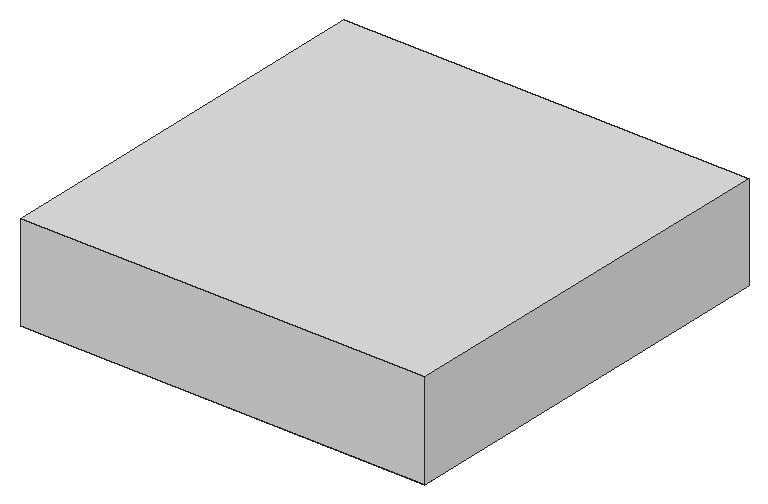
Revit family "290161 AeriLED ER NM ST LED 230V 1t_Tak", category Lighting Fixtures, Revit 2016
Family settings
  Part Type = Normal
  Round Connector Dimension = Use Diameter
  OmniClass Number = 23.80.70.11.21
  OmniClass Title = Emergency Lighting
  Work Plane-Based = No
  Always vertical = Yes
  Cut with Voids When Loaded = No
  Light Source = Yes
  Shared = No
  Room Calculation Point = No
Parameters (values of type "Nødlys")
  Wattage = 9.2903 W
  built-in parameter 1150110 = 1 (stored number, unit not read)
  Type Comments = "-UN"
  built-in parameter 1114217 = 1 (stored number, unit not read)
  Tilt Angle = 90.00°
  built-in parameter 1150109 = 1 (stored number, unit not read)
  built-in parameter 1150134 = 3
  built-in parameter 1150113 = 1 (stored number, unit not read)
  Photometric Web File = "2x4 3Lamp.ies"
  Number of Poles = 1
  Symbol Positive Direction [instance] = yes
  NS8360 = "4432_WT2"
  Manufacturer = "Honeywell"
  built-in parameter 1150105 = 109.82 (stored number, unit not read)
  Lumens = 1380 lm
  built-in parameter 1150115 = 1 (stored number, unit not read)
  built-in parameter 1150137 = (empty or 0)
  built-in parameter 1150139 = (empty or 0)
  built-in parameter 1150112 = 1 (stored number, unit not read)
  built-in parameter 1150114 = 1 (stored number, unit not read)
  Keynote = "WT2"
  built-in parameter 1150132 = (empty or 0)
  built-in parameter 1150102 = (empty or 0)
  built-in parameter 1150107 = 3200 (stored number, unit not read)
  built-in parameter 1150138 = (empty or 0)
  built-in parameter 1150106 = 1.0982 (stored number, unit not read)
  Height 1 = 45 mm
  Height = 55 mm
  Voltage = 230 V
  Symbol Offset Side [instance] = 0 mm
  Symbol Offset Out [instance] = 0 mm
  Material = Plastic - White
  Loads [instance] = 0 VA
  Length B = 160 mm
  Length A = 160 mm
  Glass Material = Plastic - Glass
  Emit from Rectangle Width = Length B  # 160 mm
  Emit from Rectangle Length = Length A  # 160 mm
  Emit Shape Visible in Rendering = no
  built-in parameter 1150104 = 13.8 (stored number, unit not read)
  Dimming Lamp Color Temperature Shift = <None>
  Color Filter = 16777215
  built-in parameter 1114218 = 1 (stored number, unit not read)
  built-in parameter 1150133 = 10 (stored number, unit not read)
  Assembly Code = "4432"
Reference planes
  plane 1 "Light Source Axis (F/B)": y = 0
  plane 2: z = 0
  plane 3 "Light Source Axis (L/R)": x = 0
  plane 4 "Light Source Elevation": z = 0
  plane 5: z = -55
  plane 6: z = -45
  plane 7: z = -38
  plane 8: y = 80
  plane 9: x = 80
  plane 10: y = -80
  plane 11: x = -80
  plane 12: y = 17
  plane 13: x = 17
  plane 14: y = -17
  plane 15: x = -17
Forms (mm)
  Extrusion 1, solid, material "Plastic - White" <- "Material"
    sketch origin (0, 0, 0) x (1, 0, 0) y (0, 1, 0)
      loop
        line (-80, 80) -> (-80, -80) -> (80, -80) -> (80, 80) -> (-80, 80)
    from 0 to -38
  Blend 2, solid, material "Plastic - White" <- "Material"
    base sketch origin (0, 0, 0) x (1, 0, 0) y (0, 1, 0)
      loop
        line (-80, 80) -> (-80, -80) -> (80, -80) -> (80, 80) -> (-80, 80)
    top sketch origin (0, 0, 0) x (1, 0, 0) y (0, 1, 0)
      loop
        line (-17, 17) -> (-17, -17) -> (17, -17) -> (17, 17) -> (-17, 17)
    from -38 to -45
  Revolve 3, solid, material "Plastic - Glass" <- "Glass Material"
    sketch origin (0, 0, 0) x (0, 1, 0) y (0, 0, 1)
      loop
        line (12.5, -55) -> (12.5, -45) -> (-12.5, -45) -> (-12.5, -55) -> (-6.5, -51)
        arc (-6.5, -51) -> (-4.282, -53.9) -> (-0.8, -55) r 6.061
        line (-0.8, -55) -> (0.8, -55)
        arc (0.8, -55) -> (4.282, -53.9) -> (6.5, -51) r 6.061
        line (6.5, -51) -> (12.5, -55)
      axis (12.5, -45) -> (-12.5, -45)
    angle from -90 to 90
Lines and regions (mm)
  model lines, style "InvisibleLines"
    curve 1: line (0, 0, 0) -> (0, 0, -45)
  symbolic lines
    curve 2: line (0, 0, 50) -> (0, 0, 0)
Dimensions and locks
  plane 4 "Light Source Elevation" to plane 2 = 0 mm
  "Height": plane 4 "Light Source Elevation" to plane 5
  locked: plane 7 to plane 6 at 7
  equal spacing: plane 11, plane 3 "Light Source Axis (L/R)", plane 9
  equal spacing: plane 8, plane 1 "Light Source Axis (F/B)", plane 10
  "Length A": plane 11 to plane 9
  "Length B": plane 8 to plane 10
  plane 12 to plane 1 "Light Source Axis (F/B)" to plane 14 = 17 mm locked, 17 mm locked
  plane 15 to plane 3 "Light Source Axis (L/R)" to plane 13 = 17 mm locked, 17 mm locked
  "Height 1": plane 4 "Light Source Elevation" to plane 6
  aligned and locked: plane 2 to level
  aligned and locked: plane 1 "Light Source Axis (F/B)" to nested 1
  aligned and locked: plane 3 "Light Source Axis (L/R)" to nested 1
  aligned and locked: Extrusion 1 sketch curve to plane 8
  aligned and locked: plane 11 to Extrusion 1 sketch curve
  aligned and locked: plane 10 to Extrusion 1 sketch curve
  aligned and locked: Extrusion 1 sketch curve to plane 9
  aligned and locked: Extrusion 1 to plane 7
  aligned and locked: Extrusion 1 to plane 4 "Light Source Elevation"
  aligned and locked: Blend 2 sketch curve to plane 8
  aligned and locked: plane 11 to Blend 2 sketch curve
  aligned and locked: plane 10 to Blend 2 sketch curve
  aligned and locked: Blend 2 sketch curve to plane 9
  aligned and locked: Blend 2 sketch curve to plane 12
  aligned and locked: plane 15 to Blend 2 sketch curve
  aligned and locked: Blend 2 sketch curve to plane 14
  aligned and locked: Blend 2 sketch curve to plane 13
  aligned and locked: imposter light to plane 3 "Light Source Axis (L/R)"
  aligned and locked: imposter light to plane 5
  aligned and locked: imposter light to plane 1 "Light Source Axis (F/B)"
  aligned and locked: Blend 2 to plane 6
  aligned and locked: plane 7 to Blend 2
  aligned and locked: Revolve 3 sketch curve to plane 6  (x2)
  aligned and locked: plane 5 to Revolve 3 sketch curve  (x3)
  aligned and locked: level to curve 2
  aligned and locked: curve 2 to plane 1 "Light Source Axis (F/B)"
Automatic sketch dimensions
  curve 1 to level = 0 mm
  curve 1 to plane 6 = 0 mm
  curve 1 to plane 3 "Light Source Axis (L/R)" = 0 mm
  Revolve 3 sketch curve to plane 12 = 4.5 mm
  Revolve 3 sketch curve to plane 1 "Light Source Axis (F/B)" = 6.5 mm
  plane 5 to Revolve 3 sketch curve = 4 mm  (x2)
  Revolve 3 sketch curve to plane 1 "Light Source Axis (F/B)" = 0.8 mm
  plane 1 "Light Source Axis (F/B)" to Revolve 3 sketch curve = 0.8 mm
  Revolve 3 sketch curve to Revolve 3 sketch curve = 5.7 mm
  Revolve 3 sketch curve to plane 14 = 4.5 mm
  Revolve 3 sketch curve to plane 10 = 1644.969 mm
  plane 8 to Revolve 3 sketch curve = 1036.284 mm
  level to curve 2 = 50 mm
Nested families
  nested 1: "LedelysS" at (0, 0, 0), type "Type 1"
Connectors
  electrical at (0, 0, 0), driven by "Voltage", driven by "Loads", driven by "Number of Poles", driven by "Loads"
    settings: on plane 4 "Light Source Elevation", index 1, voltage 230 V, apparent load 0 VA, apparent load phase1 0 VA, apparent load phase2 0 VA, apparent load phase3 0 VA, power factor 1, load classification "Lighting", number of poles 1, system type 30, power factor state 1, is connector primary yes, connector utility no, sub classification motor no, connector description ""
Definition of nested family "LedelysS"
  Parameters
    CQ Symbol Positive Direction = yes
    CQ Symbol Negative Direction = not(CQ Symbol Positive Direction)  # no
    CQ Symbol Offset Side = 0 mm
    CQ Symbol Offset Out = 0 mm
  Reference planes
    plane 1: y = 0
    plane 2: x = 0
  Dimensions and locks
    "CQ Symbol Offset Out": plane 1 to nested 1
    "CQ Symbol Offset Out": plane 1 to nested 2
    "CQ Symbol Offset Side": plane 2 to nested 2
    "CQ Symbol Offset Side": nested 1 to plane 2
  Nested families
    nested 1: "LedelysSub" at (0, 0, 0), visible <- "CQ Symbol Negative Direction", type "Type 1"
    nested 2: "LedelysSub" at (0, 0, 0), visible <- "CQ Symbol Positive Direction", type "Type 1"
  Definition of nested family "LedelysSub"
    Reference planes
      plane 1: y = 0
      plane 2: x = 0
    Lines and regions (mm)
      detail lines
        curve 1: line (-4, -2, 0) -> (4, -2, 0)
        curve 2: line (4, -2, 0) -> (4, 2, 0)
        curve 3: line (4, 2, 0) -> (-4, 2, 0)
        curve 4: line (-4, 2, 0) -> (-4, -2, 0)
        curve 5: line (-3.097, -1.25, 0) -> (-0.597, 1.25, 0)
        curve 6: line (-3.097, 1.25, 0) -> (-0.597, -1.25, 0)
        curve 7: circle (-1.847, 0, 0) r 1.2 normal (0, 0, 1)
    Text (mm)
      text "LL" at (2.179, 1.025, 0)
